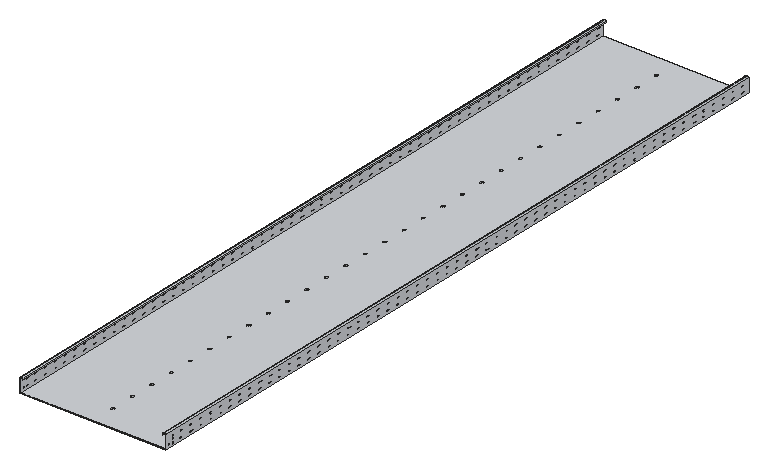
Revit family "Kabelrinne RKSM FT_615_620_630_640_650_660", category Generic Models, Revit 2017 (continued)
Dimensions and locks
  locked: cut or joined group 1 (Extrusion 1, Extrusion 5, Extrusion 8, Extrusion 10, Extrusion 11, Extrusion 13, Extrusion 14, Extrusion 15, Extrusion 16, Extrusion 17, Extrusion 18, Extrusion 19, Extrusion 20, Extrusion 21, Extrusion 22, Extrusion 23, Extrusion 24, Extrusion 25, Extrusion 26, Extrusion 27, Extrusion 28, Extrusion 29, Extrusion 30, Extrusion 31, Extrusion 32, Extrusion 33, Extrusion 34, Extrusion 35, Extrusion 36, Extrusion 37, Extrusion 38, Extrusion 39, Extrusion 40, Extrusion 41, Extrusion 42, Extrusion 43, Extrusion 44, Extrusion 45, Extrusion 46, Extrusion 47, Extrusion 48, Extrusion 49, Extrusion 50, Extrusion 51, Extrusion 52, Extrusion 53, Extrusion 54, Extrusion 55, Extrusion 56, Extrusion 57, Extrusion 58, Extrusion 59, Extrusion 60, Extrusion 61, Extrusion 62, Extrusion 63, Extrusion 64, Extrusion 65, Extrusion 66, Extrusion 67, Extrusion 68, Extrusion 69, Extrusion 70, Extrusion 71, Extrusion 72, Extrusion 73, Extrusion 74, Extrusion 75, Extrusion 76, Extrusion 77, Extrusion 78, Extrusion 79, Extrusion 80, Extrusion 81, Extrusion 82, Extrusion 83, Extrusion 84, Extrusion 85, Extrusion 86, Extrusion 87, Extrusion 88, Extrusion 89, Extrusion 90, Extrusion 91, Extrusion 92, Extrusion 93, Extrusion 94, Extrusion 95, Extrusion 96, Extrusion 97, Extrusion 98, Extrusion 99, Extrusion 100, Extrusion 101, Extrusion 102, Extrusion 103, Extrusion 104, Extrusion 105, Extrusion 106, Extrusion 107, Extrusion 108, Extrusion 109, Extrusion 110, Extrusion 111, Extrusion 112, Extrusion 113, Extrusion 114, Extrusion 115, Extrusion 116, Extrusion 117, Extrusion 118, Extrusion 119, Extrusion 120, Extrusion 121, Extrusion 122, Extrusion 123, Extrusion 124, Extrusion 125, Extrusion 126, Extrusion 127, Extrusion 128, Extrusion 129, Extrusion 130, Extrusion 131, Extrusion 132, Extrusion 133, Extrusion 134, Extrusion 135, Extrusion 136, Extrusion 137, Extrusion 138, Extrusion 139, Extrusion 140, Extrusion 141, Extrusion 142, Extrusion 143, Extrusion 144, Extrusion 145, Extrusion 146, Extrusion 147, Extrusion 148, Extrusion 149, Extrusion 150, Extrusion 151, Extrusion 152, Extrusion 153, Extrusion 154, Extrusion 155, Extrusion 156, Extrusion 157, Extrusion 158, Extrusion 159, Extrusion 160, Extrusion 161, Extrusion 162, Extrusion 163, Extrusion 164, Extrusion 165, Extrusion 166, Extrusion 167, Extrusion 168, Extrusion 169, Extrusion 170, Extrusion 171, Extrusion 172, Extrusion 173, Extrusion 174, Extrusion 175, Extrusion 176, Extrusion 177, Extrusion 178, Extrusion 179, Extrusion 180, Extrusion 181, Extrusion 182, Extrusion 183, Extrusion 184, Extrusion 185, Extrusion 186, Extrusion 187, Extrusion 188, Extrusion 189, Extrusion 190, Extrusion 191, Extrusion 192, Extrusion 193, Extrusion 194, Extrusion 195, Extrusion 196, Extrusion 197, Extrusion 198, Extrusion 199, Extrusion 200, Extrusion 201, Extrusion 202, Extrusion 203, Extrusion 204, Extrusion 205, Extrusion 206, Extrusion 207, Extrusion 208, Extrusion 209, Extrusion 210, Extrusion 211, Extrusion 212, Extrusion 213, Extrusion 214, Extrusion 215, Extrusion 216, Extrusion 217, Extrusion 218, Extrusion 219, Extrusion 220, Extrusion 221, Extrusion 222, Extrusion 223, Extrusion 224, Extrusion 225, Extrusion 226, Extrusion 227, Extrusion 228, Extrusion 229, Extrusion 230, Extrusion 231, Extrusion 232, Extrusion 233, Extrusion 234, Extrusion 235, Extrusion 236, Extrusion 237, Extrusion 238, Extrusion 239, Extrusion 240, Extrusion 241, Extrusion 242, Extrusion 243, Extrusion 244, Extrusion 245, Extrusion 246, Extrusion 247, Extrusion 248, Extrusion 249, Extrusion 250, Extrusion 251, Extrusion 252, Extrusion 253, Extrusion 254, Extrusion 255, Extrusion 256, Extrusion 257, Extrusion 258, Extrusion 259, Extrusion 260, Extrusion 261, Extrusion 262, Extrusion 263, Extrusion 264, Extrusion 265, Extrusion 266, Extrusion 267, Extrusion 268, Extrusion 269, Extrusion 270, Extrusion 271, Extrusion 272, Extrusion 273, Extrusion 274, Extrusion 275, Extrusion 276, Extrusion 277) to cut or joined group 1 at 25  (x2)
  locked: Extrusion 9 sketch curve to Extrusion 9 sketch curve at 7
  locked: Extrusion 10 sketch curve to Extrusion 10 sketch curve at 7
  locked: Extrusion 11 sketch curve to Extrusion 11 sketch curve at 7
  group 9 to group 10 = 0 mm  (x2)
  group 9 to group 10 = 25 mm
  locked: plane 1 "Center (Front/Back)" to cut or joined group 1 at 66.3  (x2)
  locked: plane 1 "Center (Front/Back)" to cut or joined group 1 at 86.3  (x2)
  locked: plane 11 to plane 12 at 50.8
  locked: Extrusion 12 sketch curve to Extrusion 12 sketch curve at 7
  locked: Extrusion 13 sketch curve to Extrusion 13 sketch curve at 7
  locked: Extrusion 14 sketch curve to Extrusion 14 sketch curve at 7
  group 13 to group 14 = 0 mm  (x2)
  group 13 to group 14 = 25 mm
  equal spacing: group 11, group 15, group 18, group 21, group 37, group 199, group 202, group 205, group 208, group 211, group 214, group 217, group 220, group 223, group 226, group 229, group 232, group 235, group 238, group 241, group 244, group 247, group 250, group 253, group 256, group 259, group 262, group 265, group 268, group 271, group 274, group 277, group 280, group 283, group 286, group 289, group 292, group 295, group 298, group 301, group 304, group 307, group 310, group 313, group 316, group 319, group 322, group 325, group 328, group 331, group 334, group 337, group 340, group 343, group 346, group 349, group 352, group 355  (x3)
  locked: plane 1 "Center (Front/Back)" to cut or joined group 1 at 117.1  (x2)
  locked: plane 1 "Center (Front/Back)" to cut or joined group 1 at 137.1  (x2)
  locked: Extrusion 15 sketch curve to Extrusion 15 sketch curve at 7
  locked: Extrusion 16 sketch curve to Extrusion 16 sketch curve at 7
  group 16 to group 17 = 0 mm  (x2)
  group 16 to group 17 = 25 mm
  locked: Extrusion 17 sketch curve to Extrusion 17 sketch curve at 7
  locked: Extrusion 18 sketch curve to Extrusion 18 sketch curve at 7
  group 19 to group 20 = 0 mm  (x2)
  group 19 to group 20 = 25 mm
  locked: Extrusion 19 sketch curve to Extrusion 19 sketch curve at 7
  locked: Extrusion 20 sketch curve to Extrusion 20 sketch curve at 7
  group 23 to group 24 = 0 mm  (x2)
  group 23 to group 24 = 25 mm
  equal spacing: group 22, group 25, group 28, group 31, group 34, group 40, group 43, group 46, group 49, group 52, group 55, group 58, group 61, group 64, group 67, group 70, group 73, group 76, group 79, group 82, group 85, group 88, group 91, group 94, group 97, group 100, group 103, group 106, group 109, group 112, group 115, group 118, group 121, group 124, group 127, group 130, group 133, group 136, group 139, group 142, group 145, group 148, group 151, group 154, group 157, group 160, group 163, group 166, group 169, group 172, group 175, group 178, group 181, group 184, group 187, group 190, group 193, group 196  (x3)
  locked: cut or joined group 1 to plane 1 "Center (Front/Back)" at 117.1  (x2)
  locked: cut or joined group 1 to plane 1 "Center (Front/Back)" at 137.1  (x2)
  locked: Extrusion 21 sketch curve to Extrusion 21 sketch curve at 7
  locked: Extrusion 22 sketch curve to Extrusion 22 sketch curve at 7
  group 26 to group 27 = 0 mm  (x2)
  group 26 to group 27 = 25 mm
  locked: Extrusion 23 sketch curve to Extrusion 23 sketch curve at 7
  locked: Extrusion 24 sketch curve to Extrusion 24 sketch curve at 7
  group 29 to group 30 = 0 mm  (x2)
  group 29 to group 30 = 25 mm
  locked: Extrusion 25 sketch curve to Extrusion 25 sketch curve at 7
  locked: Extrusion 26 sketch curve to Extrusion 26 sketch curve at 7
  group 32 to group 33 = 0 mm  (x2)
  group 32 to group 33 = 25 mm
  locked: Extrusion 27 sketch curve to Extrusion 27 sketch curve at 7
  locked: Extrusion 28 sketch curve to Extrusion 28 sketch curve at 7
  group 35 to group 36 = 0 mm  (x2)
  group 35 to group 36 = 25 mm
  locked: Extrusion 29 sketch curve to Extrusion 29 sketch curve at 7
  locked: Extrusion 30 sketch curve to Extrusion 30 sketch curve at 7
  group 38 to group 39 = 0 mm  (x2)
  group 38 to group 39 = 25 mm
  locked: Extrusion 31 sketch curve to Extrusion 31 sketch curve at 7
  locked: Extrusion 32 sketch curve to Extrusion 32 sketch curve at 7
  group 41 to group 42 = 0 mm  (x2)
  group 41 to group 42 = 25 mm
  locked: Extrusion 33 sketch curve to Extrusion 33 sketch curve at 7
  locked: Extrusion 34 sketch curve to Extrusion 34 sketch curve at 7
  group 44 to group 45 = 0 mm  (x2)
  group 44 to group 45 = 25 mm
  locked: Extrusion 35 sketch curve to Extrusion 35 sketch curve at 7
  locked: Extrusion 36 sketch curve to Extrusion 36 sketch curve at 7
  group 47 to group 48 = 0 mm  (x2)
  group 47 to group 48 = 25 mm
  locked: Extrusion 37 sketch curve to Extrusion 37 sketch curve at 7
  locked: Extrusion 38 sketch curve to Extrusion 38 sketch curve at 7
  group 50 to group 51 = 0 mm  (x2)
  group 50 to group 51 = 25 mm
  locked: Extrusion 39 sketch curve to Extrusion 39 sketch curve at 7
  locked: Extrusion 40 sketch curve to Extrusion 40 sketch curve at 7
  group 53 to group 54 = 0 mm  (x2)
  group 53 to group 54 = 25 mm
  locked: Extrusion 41 sketch curve to Extrusion 41 sketch curve at 7
  locked: Extrusion 42 sketch curve to Extrusion 42 sketch curve at 7
  group 56 to group 57 = 0 mm  (x2)
  group 56 to group 57 = 25 mm
  locked: Extrusion 43 sketch curve to Extrusion 43 sketch curve at 7
  locked: Extrusion 44 sketch curve to Extrusion 44 sketch curve at 7
  group 59 to group 60 = 0 mm  (x2)
  group 59 to group 60 = 25 mm
  locked: Extrusion 45 sketch curve to Extrusion 45 sketch curve at 7
  locked: Extrusion 46 sketch curve to Extrusion 46 sketch curve at 7
  group 62 to group 63 = 0 mm  (x2)
  group 62 to group 63 = 25 mm
  locked: Extrusion 47 sketch curve to Extrusion 47 sketch curve at 7
  locked: Extrusion 48 sketch curve to Extrusion 48 sketch curve at 7
  group 65 to group 66 = 0 mm  (x2)
  group 65 to group 66 = 25 mm
  locked: Extrusion 49 sketch curve to Extrusion 49 sketch curve at 7
  locked: Extrusion 50 sketch curve to Extrusion 50 sketch curve at 7
  group 68 to group 69 = 0 mm  (x2)
  group 68 to group 69 = 25 mm
  locked: Extrusion 51 sketch curve to Extrusion 51 sketch curve at 7
  locked: Extrusion 52 sketch curve to Extrusion 52 sketch curve at 7
  group 71 to group 72 = 0 mm  (x2)
  group 71 to group 72 = 25 mm
  locked: Extrusion 53 sketch curve to Extrusion 53 sketch curve at 7
  locked: Extrusion 54 sketch curve to Extrusion 54 sketch curve at 7
  group 74 to group 75 = 0 mm  (x2)
  group 74 to group 75 = 25 mm
  locked: Extrusion 55 sketch curve to Extrusion 55 sketch curve at 7
  locked: Extrusion 56 sketch curve to Extrusion 56 sketch curve at 7
  group 77 to group 78 = 0 mm  (x2)
  group 77 to group 78 = 25 mm
  locked: Extrusion 57 sketch curve to Extrusion 57 sketch curve at 7
  locked: Extrusion 58 sketch curve to Extrusion 58 sketch curve at 7
  group 80 to group 81 = 0 mm  (x2)
  group 80 to group 81 = 25 mm
  locked: Extrusion 59 sketch curve to Extrusion 59 sketch curve at 7
  locked: Extrusion 60 sketch curve to Extrusion 60 sketch curve at 7
  group 83 to group 84 = 0 mm  (x2)
  group 83 to group 84 = 25 mm
  locked: Extrusion 61 sketch curve to Extrusion 61 sketch curve at 7
  locked: Extrusion 62 sketch curve to Extrusion 62 sketch curve at 7
  group 86 to group 87 = 0 mm  (x2)
  group 86 to group 87 = 25 mm
  locked: Extrusion 63 sketch curve to Extrusion 63 sketch curve at 7
  locked: Extrusion 64 sketch curve to Extrusion 64 sketch curve at 7
  group 89 to group 90 = 0 mm  (x2)
  group 89 to group 90 = 25 mm
  locked: Extrusion 65 sketch curve to Extrusion 65 sketch curve at 7
  locked: Extrusion 66 sketch curve to Extrusion 66 sketch curve at 7
  group 92 to group 93 = 0 mm  (x2)
  group 92 to group 93 = 25 mm
  locked: Extrusion 67 sketch curve to Extrusion 67 sketch curve at 7
  locked: Extrusion 68 sketch curve to Extrusion 68 sketch curve at 7
  group 95 to group 96 = 0 mm  (x2)
  group 95 to group 96 = 25 mm
  locked: Extrusion 69 sketch curve to Extrusion 69 sketch curve at 7
  locked: Extrusion 70 sketch curve to Extrusion 70 sketch curve at 7
  group 98 to group 99 = 0 mm  (x2)
  group 98 to group 99 = 25 mm
  locked: Extrusion 71 sketch curve to Extrusion 71 sketch curve at 7
  locked: Extrusion 72 sketch curve to Extrusion 72 sketch curve at 7
  group 101 to group 102 = 0 mm  (x2)
  group 101 to group 102 = 25 mm
  locked: Extrusion 73 sketch curve to Extrusion 73 sketch curve at 7
  locked: Extrusion 74 sketch curve to Extrusion 74 sketch curve at 7
  group 104 to group 105 = 0 mm  (x2)
  group 104 to group 105 = 25 mm
  locked: Extrusion 75 sketch curve to Extrusion 75 sketch curve at 7
  locked: Extrusion 76 sketch curve to Extrusion 76 sketch curve at 7
  group 107 to group 108 = 0 mm  (x2)
  group 107 to group 108 = 25 mm
  locked: Extrusion 77 sketch curve to Extrusion 77 sketch curve at 7
  locked: Extrusion 78 sketch curve to Extrusion 78 sketch curve at 7
  group 110 to group 111 = 0 mm  (x2)
  group 110 to group 111 = 25 mm
  locked: Extrusion 79 sketch curve to Extrusion 79 sketch curve at 7
  locked: Extrusion 80 sketch curve to Extrusion 80 sketch curve at 7
  group 113 to group 114 = 0 mm  (x2)
  group 113 to group 114 = 25 mm
  locked: Extrusion 81 sketch curve to Extrusion 81 sketch curve at 7
  locked: Extrusion 82 sketch curve to Extrusion 82 sketch curve at 7
  group 116 to group 117 = 0 mm  (x2)
  group 116 to group 117 = 25 mm
  locked: Extrusion 83 sketch curve to Extrusion 83 sketch curve at 7
  locked: Extrusion 84 sketch curve to Extrusion 84 sketch curve at 7
  group 119 to group 120 = 0 mm  (x2)
  group 119 to group 120 = 25 mm
  locked: Extrusion 85 sketch curve to Extrusion 85 sketch curve at 7
  locked: Extrusion 86 sketch curve to Extrusion 86 sketch curve at 7
  group 122 to group 123 = 0 mm  (x2)
  group 122 to group 123 = 25 mm
  locked: Extrusion 87 sketch curve to Extrusion 87 sketch curve at 7
  locked: Extrusion 88 sketch curve to Extrusion 88 sketch curve at 7
  group 125 to group 126 = 0 mm  (x2)
  group 125 to group 126 = 25 mm
  locked: Extrusion 89 sketch curve to Extrusion 89 sketch curve at 7
  locked: Extrusion 90 sketch curve to Extrusion 90 sketch curve at 7
  group 128 to group 129 = 0 mm  (x2)
  group 128 to group 129 = 25 mm
  locked: Extrusion 91 sketch curve to Extrusion 91 sketch curve at 7
  locked: Extrusion 92 sketch curve to Extrusion 92 sketch curve at 7
  group 131 to group 132 = 0 mm  (x2)
  group 131 to group 132 = 25 mm
  locked: Extrusion 93 sketch curve to Extrusion 93 sketch curve at 7
  locked: Extrusion 94 sketch curve to Extrusion 94 sketch curve at 7
  group 134 to group 135 = 0 mm  (x2)
  group 134 to group 135 = 25 mm
  locked: Extrusion 95 sketch curve to Extrusion 95 sketch curve at 7
  locked: Extrusion 96 sketch curve to Extrusion 96 sketch curve at 7
  group 137 to group 138 = 0 mm  (x2)
  group 137 to group 138 = 25 mm
  locked: Extrusion 97 sketch curve to Extrusion 97 sketch curve at 7
  locked: Extrusion 98 sketch curve to Extrusion 98 sketch curve at 7
  group 140 to group 141 = 0 mm  (x2)
  group 140 to group 141 = 25 mm
  locked: Extrusion 99 sketch curve to Extrusion 99 sketch curve at 7
  locked: Extrusion 100 sketch curve to Extrusion 100 sketch curve at 7
  group 143 to group 144 = 0 mm  (x2)
  group 143 to group 144 = 25 mm
  locked: Extrusion 101 sketch curve to Extrusion 101 sketch curve at 7
  locked: Extrusion 102 sketch curve to Extrusion 102 sketch curve at 7
  group 146 to group 147 = 0 mm  (x2)
  group 146 to group 147 = 25 mm
  locked: Extrusion 103 sketch curve to Extrusion 103 sketch curve at 7
  locked: Extrusion 104 sketch curve to Extrusion 104 sketch curve at 7
  group 149 to group 150 = 0 mm  (x2)
  group 149 to group 150 = 25 mm
  locked: Extrusion 105 sketch curve to Extrusion 105 sketch curve at 7
  locked: Extrusion 106 sketch curve to Extrusion 106 sketch curve at 7
  group 152 to group 153 = 0 mm  (x2)
  group 152 to group 153 = 25 mm
  locked: Extrusion 107 sketch curve to Extrusion 107 sketch curve at 7
  locked: Extrusion 108 sketch curve to Extrusion 108 sketch curve at 7
  group 155 to group 156 = 0 mm  (x2)
  group 155 to group 156 = 25 mm
  locked: Extrusion 109 sketch curve to Extrusion 109 sketch curve at 7
  locked: Extrusion 110 sketch curve to Extrusion 110 sketch curve at 7
  group 158 to group 159 = 0 mm  (x2)
  group 158 to group 159 = 25 mm
  locked: Extrusion 111 sketch curve to Extrusion 111 sketch curve at 7
  locked: Extrusion 112 sketch curve to Extrusion 112 sketch curve at 7
  group 161 to group 162 = 0 mm  (x2)
  group 161 to group 162 = 25 mm
  locked: Extrusion 113 sketch curve to Extrusion 113 sketch curve at 7
  locked: Extrusion 114 sketch curve to Extrusion 114 sketch curve at 7
  group 164 to group 165 = 0 mm  (x2)
  group 164 to group 165 = 25 mm
  locked: Extrusion 115 sketch curve to Extrusion 115 sketch curve at 7
  locked: Extrusion 116 sketch curve to Extrusion 116 sketch curve at 7
  group 167 to group 168 = 0 mm  (x2)
  group 167 to group 168 = 25 mm
  locked: Extrusion 117 sketch curve to Extrusion 117 sketch curve at 7
  locked: Extrusion 118 sketch curve to Extrusion 118 sketch curve at 7
  group 170 to group 171 = 0 mm  (x2)
  group 170 to group 171 = 25 mm
  locked: Extrusion 119 sketch curve to Extrusion 119 sketch curve at 7
  locked: Extrusion 120 sketch curve to Extrusion 120 sketch curve at 7
  group 173 to group 174 = 0 mm  (x2)
  group 173 to group 174 = 25 mm
  locked: Extrusion 121 sketch curve to Extrusion 121 sketch curve at 7
  locked: Extrusion 122 sketch curve to Extrusion 122 sketch curve at 7
  group 176 to group 177 = 0 mm  (x2)
  group 176 to group 177 = 25 mm
  locked: Extrusion 123 sketch curve to Extrusion 123 sketch curve at 7
  locked: Extrusion 124 sketch curve to Extrusion 124 sketch curve at 7
  group 179 to group 180 = 0 mm  (x2)
  group 179 to group 180 = 25 mm
  locked: Extrusion 125 sketch curve to Extrusion 125 sketch curve at 7
  locked: Extrusion 126 sketch curve to Extrusion 126 sketch curve at 7
  group 182 to group 183 = 0 mm  (x2)
  group 182 to group 183 = 25 mm
  locked: Extrusion 127 sketch curve to Extrusion 127 sketch curve at 7
  locked: Extrusion 128 sketch curve to Extrusion 128 sketch curve at 7
  group 185 to group 186 = 0 mm  (x2)
  group 185 to group 186 = 25 mm
  locked: Extrusion 129 sketch curve to Extrusion 129 sketch curve at 7
  locked: Extrusion 130 sketch curve to Extrusion 130 sketch curve at 7
  group 188 to group 189 = 0 mm  (x2)
  group 188 to group 189 = 25 mm
  locked: Extrusion 131 sketch curve to Extrusion 131 sketch curve at 7
  locked: Extrusion 132 sketch curve to Extrusion 132 sketch curve at 7
  group 191 to group 192 = 0 mm  (x2)
  group 191 to group 192 = 25 mm
  locked: Extrusion 133 sketch curve to Extrusion 133 sketch curve at 7
  locked: Extrusion 134 sketch curve to Extrusion 134 sketch curve at 7
  group 194 to group 195 = 0 mm  (x2)
  group 194 to group 195 = 25 mm
  locked: Extrusion 135 sketch curve to Extrusion 135 sketch curve at 7
  locked: Extrusion 136 sketch curve to Extrusion 136 sketch curve at 7
  group 197 to group 198 = 0 mm  (x2)
  group 197 to group 198 = 25 mm
  locked: Extrusion 137 sketch curve to Extrusion 137 sketch curve at 7
  locked: Extrusion 138 sketch curve to Extrusion 138 sketch curve at 7
  group 200 to group 201 = 0 mm  (x2)
  group 200 to group 201 = 25 mm
  locked: Extrusion 139 sketch curve to Extrusion 139 sketch curve at 7
  locked: Extrusion 140 sketch curve to Extrusion 140 sketch curve at 7
  group 203 to group 204 = 0 mm  (x2)
  group 203 to group 204 = 25 mm
  locked: Extrusion 141 sketch curve to Extrusion 141 sketch curve at 7
  locked: Extrusion 142 sketch curve to Extrusion 142 sketch curve at 7
  group 206 to group 207 = 0 mm  (x2)
  group 206 to group 207 = 25 mm
  locked: Extrusion 143 sketch curve to Extrusion 143 sketch curve at 7
  locked: Extrusion 144 sketch curve to Extrusion 144 sketch curve at 7
  group 209 to group 210 = 0 mm  (x2)
  group 209 to group 210 = 25 mm
  locked: Extrusion 145 sketch curve to Extrusion 145 sketch curve at 7
  locked: Extrusion 146 sketch curve to Extrusion 146 sketch curve at 7
  group 212 to group 213 = 0 mm  (x2)
  group 212 to group 213 = 25 mm
  locked: Extrusion 147 sketch curve to Extrusion 147 sketch curve at 7
  locked: Extrusion 148 sketch curve to Extrusion 148 sketch curve at 7
  group 215 to group 216 = 0 mm  (x2)
  group 215 to group 216 = 25 mm
  locked: Extrusion 149 sketch curve to Extrusion 149 sketch curve at 7
  locked: Extrusion 150 sketch curve to Extrusion 150 sketch curve at 7
  group 218 to group 219 = 0 mm  (x2)
  group 218 to group 219 = 25 mm
  locked: Extrusion 151 sketch curve to Extrusion 151 sketch curve at 7
  locked: Extrusion 152 sketch curve to Extrusion 152 sketch curve at 7
  group 221 to group 222 = 0 mm  (x2)
  group 221 to group 222 = 25 mm
  locked: Extrusion 153 sketch curve to Extrusion 153 sketch curve at 7
  locked: Extrusion 154 sketch curve to Extrusion 154 sketch curve at 7
  group 224 to group 225 = 0 mm  (x2)
  group 224 to group 225 = 25 mm
  locked: Extrusion 155 sketch curve to Extrusion 155 sketch curve at 7
  locked: Extrusion 156 sketch curve to Extrusion 156 sketch curve at 7
  group 227 to group 228 = 0 mm  (x2)
  group 227 to group 228 = 25 mm
  locked: Extrusion 157 sketch curve to Extrusion 157 sketch curve at 7
  locked: Extrusion 158 sketch curve to Extrusion 158 sketch curve at 7
  group 230 to group 231 = 0 mm  (x2)
  group 230 to group 231 = 25 mm
  locked: Extrusion 159 sketch curve to Extrusion 159 sketch curve at 7
  locked: Extrusion 160 sketch curve to Extrusion 160 sketch curve at 7
  group 233 to group 234 = 0 mm  (x2)
  group 233 to group 234 = 25 mm
  locked: Extrusion 161 sketch curve to Extrusion 161 sketch curve at 7
  locked: Extrusion 162 sketch curve to Extrusion 162 sketch curve at 7
  group 236 to group 237 = 0 mm  (x2)
  group 236 to group 237 = 25 mm
  locked: Extrusion 163 sketch curve to Extrusion 163 sketch curve at 7
  locked: Extrusion 164 sketch curve to Extrusion 164 sketch curve at 7
  group 239 to group 240 = 0 mm  (x2)
  group 239 to group 240 = 25 mm
  locked: Extrusion 165 sketch curve to Extrusion 165 sketch curve at 7
  locked: Extrusion 166 sketch curve to Extrusion 166 sketch curve at 7
  group 242 to group 243 = 0 mm  (x2)
  group 242 to group 243 = 25 mm
  locked: Extrusion 167 sketch curve to Extrusion 167 sketch curve at 7
  locked: Extrusion 168 sketch curve to Extrusion 168 sketch curve at 7
  group 245 to group 246 = 0 mm  (x2)
  group 245 to group 246 = 25 mm
  locked: Extrusion 169 sketch curve to Extrusion 169 sketch curve at 7
  locked: Extrusion 170 sketch curve to Extrusion 170 sketch curve at 7
  group 248 to group 249 = 0 mm  (x2)
  group 248 to group 249 = 25 mm
  locked: Extrusion 171 sketch curve to Extrusion 171 sketch curve at 7
  locked: Extrusion 172 sketch curve to Extrusion 172 sketch curve at 7
  group 251 to group 252 = 0 mm  (x2)
  group 251 to group 252 = 25 mm
  locked: Extrusion 173 sketch curve to Extrusion 173 sketch curve at 7
  locked: Extrusion 174 sketch curve to Extrusion 174 sketch curve at 7
  group 254 to group 255 = 0 mm  (x2)
  group 254 to group 255 = 25 mm
  locked: Extrusion 175 sketch curve to Extrusion 175 sketch curve at 7
  locked: Extrusion 176 sketch curve to Extrusion 176 sketch curve at 7
  group 257 to group 258 = 0 mm  (x2)
  group 257 to group 258 = 25 mm
  locked: Extrusion 177 sketch curve to Extrusion 177 sketch curve at 7
  locked: Extrusion 178 sketch curve to Extrusion 178 sketch curve at 7
  group 260 to group 261 = 0 mm  (x2)
  group 260 to group 261 = 25 mm
  locked: Extrusion 179 sketch curve to Extrusion 179 sketch curve at 7
  locked: Extrusion 180 sketch curve to Extrusion 180 sketch curve at 7
  group 263 to group 264 = 0 mm  (x2)
  group 263 to group 264 = 25 mm
  locked: Extrusion 181 sketch curve to Extrusion 181 sketch curve at 7
  locked: Extrusion 182 sketch curve to Extrusion 182 sketch curve at 7
  group 266 to group 267 = 0 mm  (x2)
  group 266 to group 267 = 25 mm
  locked: Extrusion 183 sketch curve to Extrusion 183 sketch curve at 7
  locked: Extrusion 184 sketch curve to Extrusion 184 sketch curve at 7
  group 269 to group 270 = 0 mm  (x2)
  group 269 to group 270 = 25 mm
  locked: Extrusion 185 sketch curve to Extrusion 185 sketch curve at 7
  locked: Extrusion 186 sketch curve to Extrusion 186 sketch curve at 7
  group 272 to group 273 = 0 mm  (x2)
  group 272 to group 273 = 25 mm
  locked: Extrusion 187 sketch curve to Extrusion 187 sketch curve at 7
  locked: Extrusion 188 sketch curve to Extrusion 188 sketch curve at 7
  group 275 to group 276 = 0 mm  (x2)
  group 275 to group 276 = 25 mm
  locked: Extrusion 189 sketch curve to Extrusion 189 sketch curve at 7
  locked: Extrusion 190 sketch curve to Extrusion 190 sketch curve at 7
  group 278 to group 279 = 0 mm  (x2)
  group 278 to group 279 = 25 mm
  locked: Extrusion 191 sketch curve to Extrusion 191 sketch curve at 7
  locked: Extrusion 192 sketch curve to Extrusion 192 sketch curve at 7
  group 281 to group 282 = 0 mm  (x2)
  group 281 to group 282 = 25 mm
  locked: Extrusion 193 sketch curve to Extrusion 193 sketch curve at 7
  locked: Extrusion 194 sketch curve to Extrusion 194 sketch curve at 7
  group 284 to group 285 = 0 mm  (x2)
  group 284 to group 285 = 25 mm
  locked: Extrusion 195 sketch curve to Extrusion 195 sketch curve at 7
  locked: Extrusion 196 sketch curve to Extrusion 196 sketch curve at 7
  group 287 to group 288 = 0 mm  (x2)
  group 287 to group 288 = 25 mm
  locked: Extrusion 197 sketch curve to Extrusion 197 sketch curve at 7
  locked: Extrusion 198 sketch curve to Extrusion 198 sketch curve at 7
  group 290 to group 291 = 0 mm  (x2)
  group 290 to group 291 = 25 mm
  locked: Extrusion 199 sketch curve to Extrusion 199 sketch curve at 7
  locked: Extrusion 200 sketch curve to Extrusion 200 sketch curve at 7
  group 293 to group 294 = 0 mm  (x2)
  group 293 to group 294 = 25 mm
  locked: Extrusion 201 sketch curve to Extrusion 201 sketch curve at 7
  locked: Extrusion 202 sketch curve to Extrusion 202 sketch curve at 7
  group 296 to group 297 = 0 mm  (x2)
  group 296 to group 297 = 25 mm
  locked: Extrusion 203 sketch curve to Extrusion 203 sketch curve at 7
  locked: Extrusion 204 sketch curve to Extrusion 204 sketch curve at 7
  group 299 to group 300 = 0 mm  (x2)
  group 299 to group 300 = 25 mm
  locked: Extrusion 205 sketch curve to Extrusion 205 sketch curve at 7
  locked: Extrusion 206 sketch curve to Extrusion 206 sketch curve at 7
  group 302 to group 303 = 0 mm  (x2)
  group 302 to group 303 = 25 mm
  locked: Extrusion 207 sketch curve to Extrusion 207 sketch curve at 7
  locked: Extrusion 208 sketch curve to Extrusion 208 sketch curve at 7
  group 305 to group 306 = 0 mm  (x2)
  group 305 to group 306 = 25 mm
  locked: Extrusion 209 sketch curve to Extrusion 209 sketch curve at 7
  locked: Extrusion 210 sketch curve to Extrusion 210 sketch curve at 7
  group 308 to group 309 = 0 mm  (x2)
  group 308 to group 309 = 25 mm
  locked: Extrusion 211 sketch curve to Extrusion 211 sketch curve at 7
  locked: Extrusion 212 sketch curve to Extrusion 212 sketch curve at 7
  group 311 to group 312 = 0 mm  (x2)
  group 311 to group 312 = 25 mm
  locked: Extrusion 213 sketch curve to Extrusion 213 sketch curve at 7
  locked: Extrusion 214 sketch curve to Extrusion 214 sketch curve at 7
  group 314 to group 315 = 0 mm  (x2)
  group 314 to group 315 = 25 mm
  locked: Extrusion 215 sketch curve to Extrusion 215 sketch curve at 7
  locked: Extrusion 216 sketch curve to Extrusion 216 sketch curve at 7
  group 317 to group 318 = 0 mm  (x2)
  group 317 to group 318 = 25 mm
  locked: Extrusion 217 sketch curve to Extrusion 217 sketch curve at 7
  locked: Extrusion 218 sketch curve to Extrusion 218 sketch curve at 7
  group 320 to group 321 = 0 mm  (x2)
  group 320 to group 321 = 25 mm
  locked: Extrusion 219 sketch curve to Extrusion 219 sketch curve at 7
  locked: Extrusion 220 sketch curve to Extrusion 220 sketch curve at 7
  group 323 to group 324 = 0 mm  (x2)
  group 323 to group 324 = 25 mm
  locked: Extrusion 221 sketch curve to Extrusion 221 sketch curve at 7
  locked: Extrusion 222 sketch curve to Extrusion 222 sketch curve at 7
  group 326 to group 327 = 0 mm  (x2)
  group 326 to group 327 = 25 mm
  locked: Extrusion 223 sketch curve to Extrusion 223 sketch curve at 7
  locked: Extrusion 224 sketch curve to Extrusion 224 sketch curve at 7
  group 329 to group 330 = 0 mm  (x2)
  group 329 to group 330 = 25 mm
  locked: Extrusion 225 sketch curve to Extrusion 225 sketch curve at 7
  locked: Extrusion 226 sketch curve to Extrusion 226 sketch curve at 7
  group 332 to group 333 = 0 mm  (x2)
  group 332 to group 333 = 25 mm
  locked: Extrusion 227 sketch curve to Extrusion 227 sketch curve at 7
  locked: Extrusion 228 sketch curve to Extrusion 228 sketch curve at 7
  group 335 to group 336 = 0 mm  (x2)
  group 335 to group 336 = 25 mm
  locked: Extrusion 229 sketch curve to Extrusion 229 sketch curve at 7
  locked: Extrusion 230 sketch curve to Extrusion 230 sketch curve at 7
  group 338 to group 339 = 0 mm  (x2)
  group 338 to group 339 = 25 mm
  locked: Extrusion 231 sketch curve to Extrusion 231 sketch curve at 7
  locked: Extrusion 232 sketch curve to Extrusion 232 sketch curve at 7
  group 341 to group 342 = 0 mm  (x2)
  group 341 to group 342 = 25 mm
  locked: Extrusion 233 sketch curve to Extrusion 233 sketch curve at 7
  locked: Extrusion 234 sketch curve to Extrusion 234 sketch curve at 7
  group 344 to group 345 = 0 mm  (x2)
  group 344 to group 345 = 25 mm
  locked: Extrusion 235 sketch curve to Extrusion 235 sketch curve at 7
  locked: Extrusion 236 sketch curve to Extrusion 236 sketch curve at 7
  group 347 to group 348 = 0 mm  (x2)
  group 347 to group 348 = 25 mm
  locked: Extrusion 237 sketch curve to Extrusion 237 sketch curve at 7
  locked: Extrusion 238 sketch curve to Extrusion 238 sketch curve at 7
  group 350 to group 351 = 0 mm  (x2)
  group 350 to group 351 = 25 mm
  locked: Extrusion 239 sketch curve to Extrusion 239 sketch curve at 7
  locked: Extrusion 240 sketch curve to Extrusion 240 sketch curve at 7
  group 353 to group 354 = 0 mm  (x2)
  group 353 to group 354 = 25 mm
